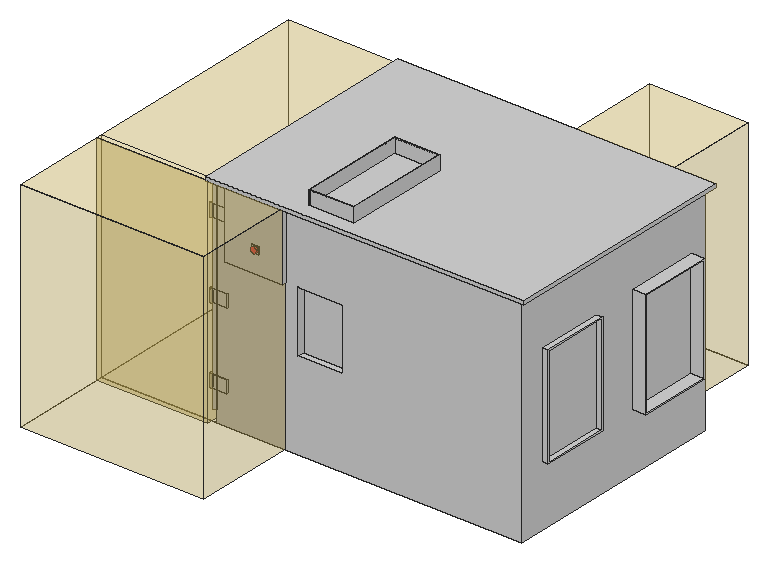
Revit family "Ventilator-RenewAire-Energy-Recovery-HE8XIN-Bypass", category Mechanical Equipment, Revit 2015
Parameters (values of type "10.0 HP 208-230V Three Phase")
  Voltage = "208-230"
  Ventilation Type = "Static Plate, Heat and Humidity Transfer"
  Unit Width = "113-1/2\""
  Unit Weight = "2,261 - 3,278 lbs."
  Unit Length = "88\""
  Unit Height = "81-3/4\""
  Unit = Metal - RenewAire - Anodized - Gray Text
  URL = "www.renewaire.com"
  Typical Airflow Range = "2,000-7,950 CFM"
  Standard Features = "TEFC Premium efficiency motors, Motor starters, Non-fused disconnect, 24 VAC transformer/relay package"
  Shipping Weight = "3,618 lbs."
  Service Area Visibility = yes
  Service Area Box = Interference - RenewAire - Smooth - Light - Gold
  Revit Object Download Link = ""
  Phase = "Three"
  Options = "Integrated programmable controls, Fused disconnect, Double wall construction, Factory supplied and mounted variable frequency drives (VFDs) - one or both airstreams, Class 1 low-leakage motorized isolation dampers - OA, EA or both airstreams, Qty. 2 Factory mounted filter alarms, Exterior paint - white, custom colors, Bypass economizer (see bypass DIM drawing) – dry bulb temperature controls (standard), enthalpy controls (option)"
  Number Motors = "Qty. 2, Belt drive blower/ standard motor packages with adjustable sheaves"
  Model = "HE8XIN-Bypass"
  Minimum Circuit Amps = "60.8"
  Maximum Overcurrent Protection = "80"
  Max. Shipping Width = "90\""
  Max. Shipping Length = "116\""
  Max. Shipping Height = "90\""
  Manufacturer = "RenewAire LLC"
  Frequency = "60 HZ"
  FLA per Motor = "27.0-25.0"
  Description = "Energy Recovery Ventilator"
  Connector Base Material = Glass - With - Transparency
  Accessories = "Filters - MERV 13, 2\" (shipped loose), Digital time clock - wall mount(TC7D-W), in exterior enclosure (TC7D-E), Motion occupancy control - ceiling mount(MC-C), wall mount(MC-W), Carbon Dioxide control - wall mount (CO2-W), duct mount(CO2-D), Electric duct heater – EK series (1-60 KW), EH series (61-175 KW), Indirect gas-fired duct furnace - GH series (50-400 MBH), installed downstream of any fans"
  AHRI 1060 Certified Core = "Eight L125-G5"
Types (10): name | Voltage | Minimum Circuit Amps | Maximum Overcurrent Protection | FLA per Motor
  (no name) | "208-230" | "60.8" | "80" | "27.0-25.0"
  5.0 HP 208-230V Three Phase | "208-230" | "32.6 A" | "45 A" | "14.5-13.4"
  5.0 HP 460V Three Phase | "460" | "15.1 A" | "20 A" | "6.7"
  5.0 HP 575V Three Phase | "575" | "11.9 A" | "15 A" | "5.3"
  7.5 HP 208-230V Three Phase | "208-230" | "47.3 A" | "60 A" | "21.0-19.0"
  7.5 HP 460V Three Phase | "460" | "21.4 A" | "25 A" | "9.5"
  7.5 HP 575V Three Phase | "575" | "17.1 A" | "20 A" | "7.6"
  10.0 HP 208-230V Three Phase | "208-230" | "60.8" | "80" | "27.0-25.0"
  10.0 HP 460V Three Phase | "460" | "28.1" | "35" | "12.5"
  10.0 HP 575V Three Phase | "575" | "22.0" | "30" | "9.76"
Reference planes (in)
  plane 1 "Center (Front/Back)": y = 0
  plane 2: z = 0
  plane 3 "Center (Left/Right)": x = 0
  plane 4: y = 41.875
  plane 5: y = -41.875
  plane 6: x = 56.3125
  plane 7: x = -57.1875
  plane 8: z = 82
Forms (in)
  Extrusion 1, solid, material "Metal - RenewAire - Anodized - Gray Text" <- "Unit"
    sketch origin (0, 0, 0) x (1, 0, 0) y (0, 1, 0)
      loop
        line (-54, 40.5) -> (-54, -40.5) -> (54, -40.5) -> (54, 40.5) -> (-54, 40.5)
    from 0 to 77
  Extrusion 2, solid, material "Metal - RenewAire - Anodized - Gray Text"
    sketch origin (0, 0, 0) x (1, 0, 0) y (0, 1, 0)
      loop
        line (-56.3125, 42.5) -> (-56.3125, -42.5) -> (56.3125, -42.5) -> (56.3125, 42.5) -> (-56.3125, 42.5)
    from 77 to 78.25
  Extrusion 3, solid, material "Metal - RenewAire - Anodized - Gray Text"
    sketch origin (0, 0, 0) x (1, 0, 0) y (0, 1, 0)
      loop
        line (-54, -40.5) -> (-54, -1.25) -> (-55.5625, -1.25) -> (-55.5625, -40.5) -> (-54, -40.5)
    from 4 to 76
  Extrusion 4, solid, material "Metal - RenewAire - Anodized - Gray Text"
    sketch origin (0, 41.75, 0) x (1, 0, 0) y (0, 1, 0)
      loop
        line (-54, -40.5) -> (-54, -1.25) -> (-55.5625, -1.25) -> (-55.5625, -40.5) -> (-54, -40.5)
    from 4 to 76
  Extrusion 5, solid, material "Metal - RenewAire - Anodized - Gray Text"
    sketch origin (0, 0, 0) x (1, 0, 0) y (0, 0, 1)
      loop
        line (-55.5625, 15.181) -> (-55.5625, 10.75) -> (-50.25, 10.75) -> (-50.25, 15.181) -> (-55.5625, 15.181)
      loop
        line (-55.5625, 42.222) -> (-55.5625, 37.778) -> (-50.25, 37.778) -> (-50.25, 42.222) -> (-55.5625, 42.222)
      loop
        line (-55.5625, 69.25) -> (-55.5625, 64.819) -> (-50.25, 64.819) -> (-50.25, 69.25) -> (-55.5625, 69.25)
    from 40.5 to 40.625
  Extrusion 6, solid, material "Metal - RenewAire - Anodized - Gray Text"
    sketch origin (0, 0, 0) x (1, 0, 0) y (0, 0, 1)
      loop
        line (-55.5625, 15.181) -> (-55.5625, 10.75) -> (-50.25, 10.75) -> (-50.25, 15.181) -> (-55.5625, 15.181)
      loop
        line (-55.5625, 42.222) -> (-55.5625, 37.778) -> (-50.25, 37.778) -> (-50.25, 42.222) -> (-55.5625, 42.222)
      loop
        line (-55.5625, 69.25) -> (-55.5625, 64.819) -> (-50.25, 64.819) -> (-50.25, 69.25) -> (-55.5625, 69.25)
    from -40.625 to -40.5
  Extrusion 7, solid, material "Metal - RenewAire - Anodized - Gray Text"
    sketch origin (0, 0, 0) x (1, 0, 0) y (0, 1, 0)
      loop
        circle (-55.9375, -40.5) r 0.375
    from 10.75 to 15.181
  Extrusion 8, solid, material "Metal - RenewAire - Anodized - Gray Text"
    sketch origin (0, 0, 0) x (1, 0, 0) y (0, 1, 0)
      loop
        circle (-55.9375, -40.5) r 0.375
    from 37.778 to 42.222
  Extrusion 9, solid, material "Metal - RenewAire - Anodized - Gray Text"
    sketch origin (0, 0, 0) x (1, 0, 0) y (0, 1, 0)
      loop
        circle (-55.9375, -40.5) r 0.375
    from 64.819 to 69.25
  Extrusion 10, solid, material "Metal - RenewAire - Anodized - Gray Text"
    sketch origin (0, 81, 0) x (1, 0, 0) y (0, 1, 0)
      loop
        circle (-55.9375, -40.5) r 0.375
    from 10.75 to 15.181
  Extrusion 11, solid, material "Metal - RenewAire - Anodized - Gray Text"
    sketch origin (0, 81, 0) x (1, 0, 0) y (0, 1, 0)
      loop
        circle (-55.9375, -40.5) r 0.375
    from 37.778 to 42.222
  Extrusion 12, solid, material "Metal - RenewAire - Anodized - Gray Text"
    sketch origin (0, 81, 0) x (1, 0, 0) y (0, 1, 0)
      loop
        circle (-55.9375, -40.5) r 0.375
    from 64.819 to 69.25
  Extrusion 13, void
    sketch origin (0, 0, 0) x (1, 0, 0) y (0, 0, 1)
      loop
        line (-25.25, 53.25) -> (-25.25, 31.25) -> (-9.25, 31.25) -> (-9.25, 53.25) -> (-25.25, 53.25)
    from 37.93224 to 40.625
  Extrusion 14, void
    sketch origin (0, 0, 0) x (1, 0, 0) y (0, 0, 1)
      loop
        line (-9.25, 32.25) -> (-25.25, 32.25) -> (-25.25, 10.25) -> (-9.25, 10.25) -> (-9.25, 32.25)
    from -40.625 to -37.83362
  Extrusion 15, solid, material "Metal - RenewAire - Anodized - Gray Text"
    sketch origin (0, 0, 0) x (1, 0, 0) y (0, 0, 1)
      loop
        line (-50.25, 77) -> (-50.25, 53) -> (-29.75, 53) -> (-29.75, 77) -> (-50.25, 77)
    from 40.5 to 41.75
  Extrusion 16, solid, material "Metal - RenewAire - Anodized - Gray Text"
    sketch origin (0, 0, 0) x (1, 0, 0) y (0, 0, 1)
      loop
        line (-40.6, 62.1) -> (-40.6, 59.6) -> (-38.1, 59.6) -> (-38.1, 62.1) -> (-40.6, 62.1)
    from 41.75 to 41.875
  Extrusion 17, solid, material "Plastic Red"
    sketch origin (0, 0, 0) x (1, 0, 0) y (0, 0, 1)
      loop
        circle (-39.35, 60.85) r 1
    from 41.75 to 42.5
  Extrusion 18, solid, material "Metal - RenewAire - Anodized - Gray Text"
    sketch origin (0, 0, 0) x (0, 1, 0) y (0, 0, 1)
      loop
        circle (-3.25, 67.0345) r 0.25
    from -56.3125 to -55.5625
  Extrusion 19, solid, material "Metal - RenewAire - Anodized - Gray Text"
    sketch origin (0, 0, 0) x (1, 0, 0) y (0, 0, 1)
      loop
        line (-56.3125, 67.2845) -> (-57.1875, 67.2845) -> (-57.1875, 66.7845) -> (-56.3125, 66.7845) -> (-56.3125, 67.2845)
    from 2.95437 to 6.64353
  Extrusion 20, solid, material "Metal - RenewAire - Anodized - Gray Text"
    sketch origin (0, 0, -54.0845) x (0, 1, 0) y (0, 0, 1)
      loop
        circle (-3.25, 67.0345) r 0.25
    from -56.3125 to -55.5625
  Extrusion 21, solid, material "Metal - RenewAire - Anodized - Gray Text"
    sketch origin (0, 0, -54.0845) x (1, 0, 0) y (0, 0, 1)
      loop
        line (-56.3125, 67.2845) -> (-57.1875, 67.2845) -> (-57.1875, 66.7845) -> (-56.3125, 66.7845) -> (-56.3125, 67.2845)
    from 2.95437 to 6.64353
  Extrusion 22, solid, material "Metal - RenewAire - Anodized - Gray Text"
    sketch origin (0, -0.02735, 79.9845) x (0, -1, 0) y (0, 0, -1)
      loop
        circle (-3.25, 67.0345) r 0.25
    from -56.3125 to -55.5625
  Extrusion 23, solid, material "Metal - RenewAire - Anodized - Gray Text"
    sketch origin (0, -0.02735, 79.9845) x (1, 0, 0) y (0, 0, -1)
      loop
        line (-56.3125, 67.2845) -> (-57.1875, 67.2845) -> (-57.1875, 66.7845) -> (-56.3125, 66.7845) -> (-56.3125, 67.2845)
    from 2.95437 to 7.02735
  Extrusion 24, solid, material "Metal - RenewAire - Anodized - Gray Text"
    sketch origin (0, -0.02735, 134.069) x (0, -1, 0) y (0, 0, -1)
      loop
        circle (-3.25, 67.0345) r 0.25
    from -56.3125 to -55.5625
  Extrusion 25, solid, material "Metal - RenewAire - Anodized - Gray Text"
    sketch origin (0, -0.02735, 134.069) x (1, 0, 0) y (0, 0, -1)
      loop
        line (-56.3125, 67.2845) -> (-57.1875, 67.2845) -> (-57.1875, 66.7845) -> (-56.3125, 66.7845) -> (-56.3125, 67.2845)
    from 2.95437 to 7.02735
  Extrusion 26, solid, material "Metal - RenewAire - Anodized - Gray Text"
    sketch origin (0, 0, 0) x (1, 0, 0) y (0, 1, 0)
      loop
        line (-55.5625, -3.02735) -> (-56.3125, -3.02735) -> (-56.3125, -5.01821) -> (-56.89763, -5.60334) -> (-56.54408, -5.9569) -> (-55.5625, -4.97532) -> (-55.5625, -3.02735)
      loop
        line (-56.3125, 4.96351) -> (-56.3125, 2.92702) -> (-55.5625, 2.92702) -> (-55.5625, 4.92062) -> (-56.56719, 5.92531) -> (-56.92075, 5.57176) -> (-56.3125, 4.96351)
    from 39.5 to 40.5
  Extrusion 27, solid, material "Metal - RenewAire - Anodized - Gray Text"
    sketch origin (0.86244, -1, 0) x (1, 0, 0) y (0, 1, 0)
      loop
        circle (-57.54994, 6.5545) r 0.5
    from 37.5 to 42.5
  Extrusion 28, solid, material "Metal - RenewAire - Anodized - Gray Text"
    sketch origin (0.86244, -12.27115, 0) x (1, 0, 0) y (0, 1, 0)
      loop
        circle (-57.54994, 6.5545) r 0.5
    from 37.5 to 42.5
  Extrusion 29, solid, material "Metal - RenewAire - Anodized - Gray Text"
    sketch origin (0, 0, 0) x (0, 1, 0) y (0, 0, 1)
      loop
        line (-31.75, 58) -> (-31.75, 22) -> (-7.75, 22) -> (-7.75, 58) -> (-31.75, 58)
      loop
        line (-31.625, 57.875) -> (-31.625, 22.125) -> (-7.875, 22.125) -> (-7.875, 57.875) -> (-31.625, 57.875)
    from 54 to 56.3125
  Extrusion 30, solid, material "Metal - RenewAire - Anodized - Gray Text"
    sketch origin (0, 40.875, 0) x (0, 1, 0) y (0, 0, 1)
      loop
        line (-32.75, 59) -> (-32.75, 21) -> (-6.75, 21) -> (-6.75, 59) -> (-32.75, 59)
      loop
        line (-32.625, 58.875) -> (-32.625, 21.125) -> (-6.875, 21.125) -> (-6.875, 58.875) -> (-32.625, 58.875)
    from 54 to 59
  Extrusion 31, solid, material "Metal - RenewAire - Anodized - Gray Text"
    sketch origin (0, 0, 0) x (1, 0, 0) y (0, 1, 0)
      loop
        line (40.5, 40.5) -> (40.5, 41.875) -> (5.75, 41.875) -> (5.75, 40.5) -> (40.5, 40.5)
    from 4 to 76
  Extrusion 32, solid, material "Metal - RenewAire - Anodized - Gray Text"
    sketch origin (46.25, -13.6875, 0) x (0, -1, 0) y (0, 0, 1)
      loop
        line (-55.5625, 15.181) -> (-55.5625, 10.75) -> (-54.1875, 10.75) -> (-54.1875, 15.181) -> (-55.5625, 15.181)
      loop
        line (-55.5625, 42.222) -> (-55.5625, 37.778) -> (-54.1875, 37.778) -> (-54.1875, 42.222) -> (-55.5625, 42.222)
      loop
        line (-55.5625, 69.25) -> (-55.5625, 64.819) -> (-54.1875, 64.819) -> (-54.1875, 69.25) -> (-55.5625, 69.25)
    from 40.5 to 40.625
  Extrusion 33, solid, material "Metal - RenewAire - Anodized - Gray Text"
    sketch origin (46.25, -13.6875, 0) x (0, -1, 0) y (1, 0, 0)
      loop
        circle (-55.9375, -40.5) r 0.375
    from 10.75 to 15.181
  Extrusion 34, solid, material "Metal - RenewAire - Anodized - Gray Text"
    sketch origin (46.25, -13.6875, 0) x (0, -1, 0) y (1, 0, 0)
      loop
        circle (-55.9375, -40.5) r 0.375
    from 37.778 to 42.222
  Extrusion 35, solid, material "Metal - RenewAire - Anodized - Gray Text"
    sketch origin (46.25, -13.6875, 0) x (0, -1, 0) y (1, 0, 0)
      loop
        circle (-55.9375, -40.5) r 0.375
    from 64.819 to 69.25
  Extrusion 36, solid, material "Metal - RenewAire - Anodized - Gray Text"
    sketch origin (0, 0, 0.09434) x (1, 0, 0) y (0, 0, 1)
      loop
        circle (38.5, 67.0345) r 0.5
      loop
        circle (38.5, 12.9655) r 0.5
    from -42.63934 to -41.875
  Extrusion 37, solid, material "Metal - RenewAire - Anodized - Gray Text"
    sketch origin (0, 0, 0) x (1, 0, 0) y (0, 1, 0)
      loop
        line (39, 42.63934) -> (39, 43.13934) -> (35, 43.13934) -> (35, 42.63934) -> (39, 42.63934)
    from 12.54402 to 13.57826
  Extrusion 38, solid, material "Metal - RenewAire - Anodized - Gray Text"
    sketch origin (0, 0, 0) x (1, 0, 0) y (0, 1, 0)
      loop
        line (39, 42.63934) -> (39, 43.13934) -> (35, 43.13934) -> (35, 42.63934) -> (39, 42.63934)
    from 66.62861 to 67.65618
  Extrusion 39, solid, material "Metal - RenewAire - Anodized - Gray Text"
    sketch origin (0, 0, 0) x (1, 0, 0) y (0, 1, 0)
      loop
        line (39, 42.42236) -> (36.93236, 42.42236) -> (35.90842, 43.13934) -> (35.90842, 42.63934) -> (37, 41.875) -> (39, 41.875) -> (39, 42.42236)
    from 39.5 to 40.5
  Extrusion 40, solid, material "Metal - RenewAire - Anodized - Gray Text"
    sketch origin (0, 0, 0) x (1, 0, 0) y (0, 1, 0)
      loop
        circle (35.90842, 42.88934) r 0.25
    from 37.778 to 42.222
  Extrusion 41, solid, material "Interference - RenewAire - Smooth - Light - Gold" <- "Service Area Box", visible <- "Service Area Visibility"
    sketch origin (0, 0, 0) x (1, 0, 0) y (0, 1, 0)
      loop
        line (5.625, 41.875) -> (40.5, 41.875) -> (40.5, 76.625) -> (5.625, 76.625) -> (5.625, 41.875)
    from 0 to 77
  Extrusion 42, solid, material "Interference - RenewAire - Smooth - Light - Gold", visible <- "Service Area Visibility"
    sketch origin (0, 0, 0) x (1, 0, 0) y (0, 1, 0)
      loop
        line (-55.5625, 42.5) -> (-94.8125, 42.5) -> (-94.8125, -42.5) -> (-55.5625, -42.5) -> (-55.5625, 42.5)
    from 0 to 77
  Extrusion 43, solid, material "Interference - RenewAire - Smooth - Light - Gold", visible <- "Service Area Visibility"
    sketch origin (0, 0, 0) x (1, 0, 0) y (0, 1, 0)
      loop
        line (-29.75, -40.5) -> (-94.8125, -40.5) -> (-94.8125, -76.5) -> (-29.75, -76.5) -> (-29.75, -40.5)
    from 0 to 77
  Extrusion 44, void
    sketch origin (0, 0, 0) x (1, 0, 0) y (0, 1, 0)
      loop
        line (-53.5, 40) -> (-53.5, -40) -> (53.5, -40) -> (53.5, 40) -> (-53.5, 40)
    from -3.53375 to 4.625
  Extrusion 45, solid, material "Metal - RenewAire - Anodized - Gray Text" <- "Unit"
    sketch origin (0, 0, 0) x (1, 0, 0) y (0, 1, 0)
      loop
        line (-23.9375, 0.625) -> (-23.9375, -37.375) -> (-7.9375, -37.375) -> (-7.9375, 0.625) -> (-23.9375, 0.625)
      loop
        line (-23.6875, 0.375) -> (-23.6875, -37.125) -> (-8.1875, -37.125) -> (-8.1875, 0.375) -> (-23.6875, 0.375)
    from 78.25 to 83.25
Cuts and joins
  Extrusion 13, Extrusion 14, Extrusion 44 cuts Extrusion 1
Dimensions and locks (in)
  aligned and locked: level to plane 2
Nested families (in)
  nested 1: "Monitoring Port" at (28.5, 42.75, 60.778), type "Monitoring Port"
  nested 2: "Monitoring Port" at (17.75, 42.75, 60.778), type "Monitoring Port"
  nested 3: "Monitoring Port" at (28.5, 42.75, 48.778), type "Monitoring Port"
  nested 4: "Monitoring Port" at (17.75, 42.75, 48.778), type "Monitoring Port"
Connectors (in)
  hvac at (-17.25, -37.93224, 42.25)
    settings: on cut or joined group of Extrusion 1, Extrusion 13, Extrusion 14, Extrusion 44, index 1, duct flow 0 CFM, flow factor 0, pres drop 0.00 in-wg, loss coef 0, conn angle 0.00°, conn width 16", conn height 22", conn diameter 24", duct sys type 3, conn prof type 1, flow config 0, flow direction 2, loss method 0, conn ref index -1, conn util no, is conn primary yes, conn desc "EA (Exhaust Air)"
  hvac at (54, 21.125, 40)
    settings: on Extrusion 30, index 2, duct flow 0 CFM, flow factor 0, pres drop 0.00 in-wg, loss coef 0, conn angle 0.00°, conn width 26", conn height 38", conn diameter 24", duct sys type 2, conn prof type 1, flow config 0, flow direction 1, loss method 0, conn ref index -1, conn util no, is conn primary no, conn desc "RA (Return Air)"
  hvac at (54, -19.75, 40)
    settings: on Extrusion 29, index 3, duct flow 0 CFM, flow factor 0, pres drop 0.00 in-wg, loss coef 0, conn angle 0.00°, conn width 24", conn height 36", conn diameter 24", duct sys type 4, conn prof type 1, flow config 0, flow direction 1, loss method 0, conn ref index -1, conn util no, is conn primary no, conn desc "OA (Outside Air)"
  hvac at (-17.25, 37.83362, 28.125)
    settings: on cut or joined group of Extrusion 1, Extrusion 13, Extrusion 14, Extrusion 44, index 4, duct flow 0 CFM, flow factor 0, pres drop 0.00 in-wg, loss coef 0, conn angle 0.00°, conn width 16", conn height 22", conn diameter 24", duct sys type 1, conn prof type 1, flow config 0, flow direction 2, loss method 0, conn ref index -1, conn util no, is conn primary no, conn desc "FA (Fresh Air)"
  hvac at (-15.9375, -18.375, 83.25)
    settings: on Extrusion 45, index 5, duct flow 0 CFM, flow factor 0, pres drop 0.00 in-wg, loss coef 0, conn angle 0.00°, conn width 16", conn height 38", conn diameter 24", duct sys type 2, conn prof type 1, flow config 0, flow direction 1, loss method 0, conn ref index -1, conn util no, is conn primary no, conn desc "BP (Bypass Air)"
Definition of nested family "Monitoring Port"
  Parameters (values of type "Monitoring Port")
    URL = "www.renewaire.com"
    Revit Object Download Link = ""
    Model = ""
    Manufacturer = "RenewAire LLC"
    Description = "Monitoring Ports"
  Reference planes (in)
    plane 1 "Center (Front/Back)": y = 0
    plane 2: z = 0
    plane 3 "Center (Left/Right)": x = 0
  Forms (in)
    Extrusion 1, solid
      sketch origin (-9.43348, 0, 37.76669) x (-1, 0, 0) y (0, 0, -1)
        loop
          line (-9.53348, 35.65895) -> (-9.94097, 35.42369) -> (-9.94097, 34.83769) -> (-9.43348, 34.54469) -> (-8.92599, 34.83769) -> (-8.92599, 35.42369) -> (-9.33348, 35.65895) -> (-9.33348, 37.28756)
          arc (-9.33348, 37.28756) -> (-9.43348, 37.76669) -> (-9.53348, 37.28756) r 0.25
          line (-9.53348, 37.28756) -> (-9.53348, 35.65895)
      from 0 to 0.25
  Dimensions and locks (in)
    aligned and locked: level to plane 2
